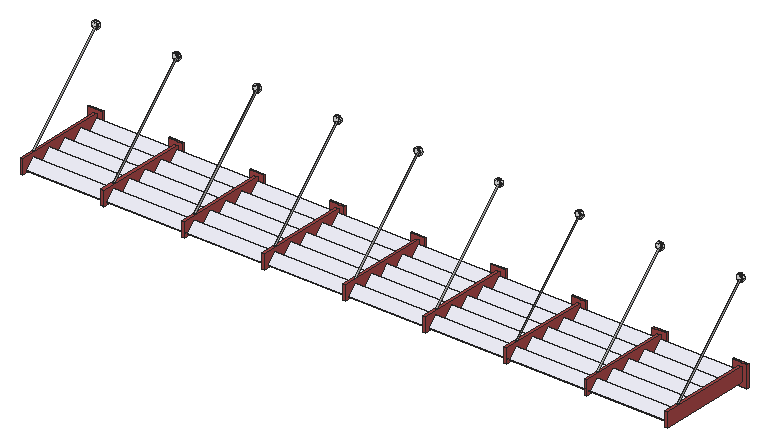
Revit family "ab08a7e9d9db4d8cacae13d4fba57b06", category Generic Models, Revit 2027
Family settings
  Can host rebar = No
  Round Connector Dimension = Use Diameter
  Part Type = Normal
  Cut with Voids When Loaded = No
  Maintain Annotation Orientation = No
  Shared = No
  Room Calculation Point = No
Parameters (values of type "M_Solar_Shade_Complete")
  Window_Sill_Height [instance] = 1000 mm
  Support_Length [instance] = roundup((Shadow_Length / 1 mm) * tan(Rel_Angle)) * 1 mm  # 653 mm
  Support_Hanger [instance] = Support_Length > 400 mm  # yes
  Sun_Angle [instance] = 65.00°
  Shadow_Length [instance] = Mounting_Height - Window_Sill_Height  # 1400 mm
  Shade_Factor [instance] = if(Desired_Shading_Percent < 65, "Low", if(Desired_Shading_Percent < 79, "Med.", if(Desired_Shading_Percent < 99, "High", "Max.")))  # "Med."
  Rel_Angle [instance] = 90.00° - Sun_Angle  # 25.00°
  Number of Supports [instance] = ([built-in parameter 1001306] / Max_Support_Spacing) + 1  # 9
  Mounting_Height [instance] = 2400 mm
  Max_Support_Spacing [instance] = 600 mm
  Max Louver Spacing [instance] = Support_Length - (Support_Length * (Desired_Shading_Percent * 0.01))  # 163.25 mm
  Louver Number [instance] = (Support_Length / Max Louver Spacing) + 1  # 5
  built-in parameter 1001306 [instance] = 4500 mm
  Desired_Shading_Percent [instance] = 75
  Default Elevation = 0 mm
  Assembly Code = ""
Reference planes
  plane 1 "Center (Front/Back)": y = 0
  plane 2: z = 0
  plane 3 "Left": x = 0
  plane 4 "Right": x = 4500
  plane 5: z = 2400
  plane 6: y = -653
  plane 7: y = -603
  plane 8: y = -50
Lines and regions (mm)
  reference lines
    curve 1: line (0, 0, 0) -> (4500, 0, 0)
  symbolic lines, style "Overhead"
    curve 2: line (0, -653, 0) -> (4500, -653, 0)
Dimensions and locks
  "built-in parameter 1001306": plane 3 "Left" to plane 4 "Right"
  "Mounting_Height": plane 5 to level
  "Support_Length": plane 6 to plane 1 "Center (Front/Back)"
  equal spacing: group 1, group 3, group 4, group 5, group 6, group 9, group 10, group 11, group 2  (x3)
  locked: plane 6 to plane 7 at 50
  locked: plane 8 to plane 1 "Center (Front/Back)" at 50
  equal spacing: group 7, group 12, group 13, group 14, group 8  (x2)
  equal spacing: group 8, group 14, group 13, group 12, group 7
  aligned and locked: plane 4 "Right" to curve 1
  aligned and locked: plane 1 "Center (Front/Back)" to curve 1
  aligned and locked: plane 3 "Left" to curve 1
  aligned and locked: plane 1 "Center (Front/Back)" to nested 1
  aligned and locked: plane 3 "Left" to nested 1
  aligned and locked: plane 5 to nested 1
  aligned and locked: nested 2 to plane 4 "Right"
  aligned and locked: nested 2 to plane 5
  aligned and locked: plane 3 "Left" to nested 5
  aligned and locked: plane 5 to nested 5
  aligned and locked: nested 5 to plane 8
  aligned and locked: nested 8 to plane 7
  aligned and locked: plane 5 to nested 8
  aligned and locked: plane 3 "Left" to curve 2
  aligned and locked: curve 2 to plane 4 "Right"
  aligned and locked: curve 2 to plane 6
Nested families
  nested 1: "Support Beam" at (0, 0, 2400), Hanger_Visible <- "Support_Hanger", type "Hung Support"
    with Hanger_Visible yes, Support Length 653 mm
  nested 2: "Support Beam" at (4500, 0, 2400), Hanger_Visible <- "Support_Hanger", type "Hung Support"
    with Hanger_Visible yes, Support Length 653 mm
  nested 3: "Support Beam" at (562.5, 0, 2400), Hanger_Visible <- "Support_Hanger", type "Hung Support"
    with Hanger_Visible yes, Support Length 653 mm
  nested 4: "Support Beam" at (1125, 0, 2400), Hanger_Visible <- "Support_Hanger", type "Hung Support"
    with Hanger_Visible yes, Support Length 653 mm
  nested 5: "Louver" at (0, -50, 2400), type "Louver"
    with Length 4500 mm
  nested 6: "Support Beam" at (1687.5, 0, 2400), Hanger_Visible <- "Support_Hanger", type "Hung Support"
    with Hanger_Visible yes, Support Length 653 mm
  nested 7: "Support Beam" at (2250, 0, 2400), Hanger_Visible <- "Support_Hanger", type "Hung Support"
    with Hanger_Visible yes, Support Length 653 mm
  nested 8: "Louver" at (0, -603, 2400), type "Louver"
    with Length 4500 mm
  nested 9: "Support Beam" at (2812.5, 0, 2400), Hanger_Visible <- "Support_Hanger", type "Hung Support"
    with Hanger_Visible yes, Support Length 653 mm
  nested 10: "Support Beam" at (3375, 0, 2400), Hanger_Visible <- "Support_Hanger", type "Hung Support"
    with Hanger_Visible yes, Support Length 653 mm
  nested 11: "Support Beam" at (3937.5, 0, 2400), Hanger_Visible <- "Support_Hanger", type "Hung Support"
    with Hanger_Visible yes, Support Length 653 mm
  nested 12: "Louver" at (0, -188.25, 2400), type "Louver"
    with Length 4500 mm
  nested 13: "Louver" at (0, -326.5, 2400), type "Louver"
    with Length 4500 mm
  nested 14: "Louver" at (0, -464.75, 2400), type "Louver"
    with Length 4500 mm
Definition of nested family "Support Beam"
  Parameters
    Support Length = 642 mm
    Mounting Height = 2400 mm
    Hanger_Visible [instance] = yes
    Default Elevation = 0 mm
    Assembly Code = ""
  Reference planes
    plane 1 "Center (Front/Back)": y = 0
    plane 2: z = 0
    plane 3 "Center (Left/Right)": x = 0
    plane 4 "Left Edge": x = -10
    plane 5 "Right Edge": x = 10
    plane 6: y = -642
    plane 7: y = -542
    plane 8: z = 600
    plane 9: z = -600
    plane 10: z = -2400
  Forms (mm)
    Extrusion 1, solid
      sketch origin (0, 0, 0) x (1, 0, 0) y (0, 0, 1)
        loop
          line (-50, 75) -> (-50, -75) -> (50, -75) -> (50, 75) -> (-50, 75)
      from 0 to 10
    Extrusion 2, solid
      sketch origin (-10, 0, 0) x (0, 1, 0) y (0, 0, 1)
        loop
          line (-642, 50) -> (-642, -50) -> (0, -50) -> (0, 50) -> (-642, 50)
      from 0 to 20
    Sweep 3, solid, visible <- "Hanger_Visible"
      path origin (0, 0, 0) x (0, 1, 0) y (0, 0, 1)
        loop
          line (-542, 50) -> (0, 600)
      profile origin (0, -271, 325) x (0, -0.712268, 0.701908) y (1, 0, 0)
        loop
          circle (0, 0) r 4
    Extrusion 4, solid, visible <- "Hanger_Visible"
      sketch origin (0, 0, 0) x (1, 0, 0) y (0, 0, 1)
        loop
          circle (0, 600) r 25
      from 0 to 10
    Extrusion 5, solid, visible <- "Hanger_Visible"
      sketch origin (0, 0, 0) x (1, 0, 0) y (0, 0, 1)
        loop
          circle (0, 600) r 19
      from 0 to 15
  Lines and regions (mm)
    symbolic lines
      curve 1: line (0, 0, 0) -> (0, -542, 0)
    model lines
      curve 2: line (0, 0, 0) -> (0, 0, -2400)
  Dimensions and locks
    "Support Length": plane 6 to plane 1 "Center (Front/Back)"
    locked: plane 6 to plane 7 at 100
    locked: plane 8 to level at 600
    locked: level to plane 9 at 600
    "Mounting Height": plane 2 to plane 10
    aligned and locked: plane 1 "Center (Front/Back)" to Extrusion 2 sketch curve
    aligned and locked: plane 6 to Extrusion 2 sketch curve
    aligned and locked: Extrusion 2 to Sweep 3 sketch curve
    aligned and locked: plane 1 "Center (Front/Back)" to Sweep 3 sketch curve
    aligned and locked: plane 1 "Center (Front/Back)" to curve 1
    aligned and locked: plane 7 to curve 1
    aligned and locked: curve 1 to plane 3 "Center (Left/Right)"
    aligned and locked: plane 2 to curve 2
    aligned and locked: plane 10 to curve 2
    aligned and locked: curve 2 to plane 3 "Center (Left/Right)"
  Automatic sketch dimensions
    Extrusion 1 sketch curve to plane 4 "Left Edge" = 40 mm
    plane 5 "Right Edge" to Extrusion 1 sketch curve = 40 mm
    Extrusion 1 sketch curve to level = 75 mm
    level to Extrusion 1 sketch curve = 75 mm
    Extrusion 2 sketch curve to level = 50 mm
    level to Extrusion 2 sketch curve = 50 mm
    Sweep 3 sketch curve to plane 7 = 0 mm
    Sweep 3 sketch curve to plane 8 = 0 mm
    Sweep 3 sketch curve to plane 3 "Center (Left/Right)" = 0 mm
    Sweep 3 sketch curve to profile plane = 0 mm
    Extrusion 4 sketch curve to plane 3 "Center (Left/Right)" = 0 mm
    Extrusion 4 sketch curve to plane 8 = 0 mm
    Extrusion 5 sketch curve to plane 3 "Center (Left/Right)" = 0 mm
    Extrusion 5 sketch curve to plane 8 = 0 mm
    radius of Sweep 3 sketch curve = 4 mm
    radius of Extrusion 4 sketch curve = 25 mm
    radius of Extrusion 5 sketch curve = 19 mm
Definition of nested family "Louver"
  Parameters
    Length = 1500 mm
    Default Elevation = 0 mm
  Reference planes
    plane 1 "Center (Front/Back)": y = 0
    plane 2: z = 0
    plane 3 "Center (Left/Right)": x = 0
    plane 4: x = 1500
  Forms (mm)
    Extrusion 1, solid
      sketch origin (0, 0, 0) x (0, 1, 0) y (0, 0, 1)
        loop
          line (-30.052, -30.052) -> (-22.981, -37.123) -> (37.123, 22.981) -> (30.052, 30.052) -> (-30.052, -30.052)
      from 0 to 1500
  Dimensions and locks
    "Length": plane 3 "Center (Left/Right)" to plane 4
    aligned and locked: plane 4 to Extrusion 1
  Automatic sketch dimensions
    plane 1 "Center (Front/Back)" to Extrusion 1 sketch curve = 30.052 mm
    Extrusion 1 sketch curve to Extrusion 1 sketch curve = 60.104 mm
    Extrusion 1 sketch curve to Extrusion 1 sketch curve = 7.071 mm  (x2)
    Extrusion 1 sketch curve to level = 37.123 mm
